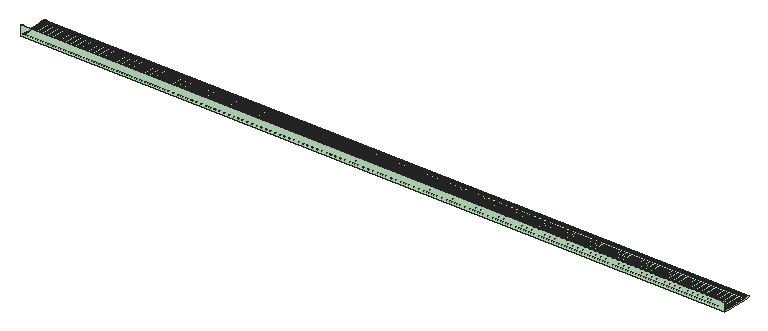
Revit family "power-l_125", category 機械設備, Revit 2022
Family settings
  丸型コネクタ寸法 = 直径を使用
  種別 = なし
  パーツ タイプ = 標準
  作業面ベース = いいえ
  常に垂直 = はい
  ロード時にボイドで切り取り = いいえ
  注釈の向きを維持 = いいえ
  共有 = いいえ
  部屋計算ポイント = いいえ
Parameters
  製造元 = "株式会社桐井製作所"
  既定の高さ = 0 mm
  URL = "https://www.kirii.co.jp/"
  K_長さ(mm) = 3000 mm
  K_品名 = "Power L 125(Power L75)"
  K_名称 = "耐震天井見切り"
  K_バージョン情報 = "20211216"
Reference planes
  plane 1 "中心(正面/背面)": y = 0
  plane 2: z = 0
  plane 3 "中心(左/右)": x = 0
  plane 4: x = 3000
Forms (mm)
  Extrusion 1, solid
    sketch origin (0, 0, 0) x (0, 1, 0) y (0, 0, 1)
      loop
        line (1.6, 1.6) -> (1.6, 38.4) -> (3, 38.4) -> (3, 40) -> (0.5, 40)
        arc (0.5, 40) -> (0.146, 39.854) -> (0, 39.5) r 0.5
        line (0, 39.5) -> (0, 0) -> (10.786, 0)
        arc (10.786, 0) -> (11.5, 0.3) -> (12.214, 0) r 1
        line (12.214, 0) -> (13.014, 0)
        arc (13.014, 0) -> (13.728, 0.3) -> (14.442, 0) r 1
        line (14.442, 0) -> (15.242, 0)
        arc (15.242, 0) -> (15.957, 0.3) -> (16.671, 0) r 1
        line (16.671, 0) -> (17.471, 0)
        arc (17.471, 0) -> (18.185, 0.3) -> (18.899, 0) r 1
        line (18.899, 0) -> (19.699, 0)
        arc (19.699, 0) -> (20.413, 0.3) -> (21.127, 0) r 1
        line (21.127, 0) -> (21.927, 0)
        arc (21.927, 0) -> (22.641, 0.3) -> (23.356, 0) r 1
        line (23.356, 0) -> (24.156, 0)
        arc (24.156, 0) -> (24.87, 0.3) -> (25.584, 0) r 1
        line (25.584, 0) -> (26.384, 0)
        arc (26.384, 0) -> (27.098, 0.3) -> (27.812, 0) r 1
        line (27.812, 0) -> (28.612, 0)
        arc (28.612, 0) -> (29.326, 0.3) -> (30.04, 0) r 1
        line (30.04, 0) -> (30.84, 0)
        arc (30.84, 0) -> (31.555, 0.3) -> (32.269, 0) r 1
        line (32.269, 0) -> (33.069, 0)
        arc (33.069, 0) -> (33.783, 0.3) -> (34.497, 0) r 1
        line (34.497, 0) -> (35.297, 0)
        arc (35.297, 0) -> (36.011, 0.3) -> (36.725, 0) r 1
        line (36.725, 0) -> (37.525, 0)
        arc (37.525, 0) -> (38.239, 0.3) -> (38.954, 0) r 1
        line (38.954, 0) -> (39.754, 0)
        arc (39.754, 0) -> (40.468, 0.3) -> (41.182, 0) r 1
        line (41.182, 0) -> (41.982, 0)
        arc (41.982, 0) -> (42.696, 0.3) -> (43.41, 0) r 1
        line (43.41, 0) -> (44.21, 0)
        arc (44.21, 0) -> (44.924, 0.3) -> (45.638, 0) r 1
        line (45.638, 0) -> (46.438, 0)
        arc (46.438, 0) -> (47.153, 0.3) -> (47.867, 0) r 1
        line (47.867, 0) -> (48.667, 0)
        arc (48.667, 0) -> (49.381, 0.3) -> (50.095, 0) r 1
        line (50.095, 0) -> (50.895, 0)
        arc (50.895, 0) -> (51.609, 0.3) -> (52.323, 0) r 1
        line (52.323, 0) -> (53.123, 0)
        arc (53.123, 0) -> (53.837, 0.3) -> (54.552, 0) r 1
        line (54.552, 0) -> (55.352, 0)
        arc (55.352, 0) -> (56.066, 0.3) -> (56.78, 0) r 1
        line (56.78, 0) -> (57.58, 0)
        arc (57.58, 0) -> (58.294, 0.3) -> (59.008, 0) r 1
        line (59.008, 0) -> (59.808, 0)
        arc (59.808, 0) -> (60.522, 0.3) -> (61.236, 0) r 1
        line (61.236, 0) -> (62.036, 0)
        arc (62.036, 0) -> (62.751, 0.3) -> (63.465, 0) r 1
        line (63.465, 0) -> (64.265, 0)
        arc (64.265, 0) -> (64.979, 0.3) -> (65.693, 0) r 1
        line (65.693, 0) -> (66.493, 0)
        arc (66.493, 0) -> (67.207, 0.3) -> (67.921, 0) r 1
        line (67.921, 0) -> (68.721, 0)
        arc (68.721, 0) -> (69.435, 0.3) -> (70.15, 0) r 1
        line (70.15, 0) -> (70.95, 0)
        arc (70.95, 0) -> (71.664, 0.3) -> (72.378, 0) r 1
        line (72.378, 0) -> (73.178, 0)
        arc (73.178, 0) -> (73.892, 0.3) -> (74.606, 0) r 1
        line (74.606, 0) -> (75.406, 0)
        arc (75.406, 0) -> (76.12, 0.3) -> (76.834, 0) r 1
        line (76.834, 0) -> (77.634, 0)
        arc (77.634, 0) -> (78.349, 0.3) -> (79.063, 0) r 1
        line (79.063, 0) -> (79.863, 0)
        arc (79.863, 0) -> (80.577, 0.3) -> (81.291, 0) r 1
        line (81.291, 0) -> (82.091, 0)
        arc (82.091, 0) -> (82.805, 0.3) -> (83.519, 0) r 1
        line (83.519, 0) -> (84.319, 0)
        arc (84.319, 0) -> (85.033, 0.3) -> (85.748, 0) r 1
        line (85.748, 0) -> (86.548, 0)
        arc (86.548, 0) -> (87.262, 0.3) -> (87.976, 0) r 1
        line (87.976, 0) -> (88.776, 0)
        arc (88.776, 0) -> (89.49, 0.3) -> (90.204, 0) r 1
        line (90.204, 0) -> (91.004, 0)
        arc (91.004, 0) -> (91.718, 0.3) -> (92.432, 0) r 1
        line (92.432, 0) -> (93.232, 0)
        arc (93.232, 0) -> (93.947, 0.3) -> (94.661, 0) r 1
        line (94.661, 0) -> (95.461, 0)
        arc (95.461, 0) -> (96.175, 0.3) -> (96.889, 0) r 1
        line (96.889, 0) -> (97.689, 0)
        arc (97.689, 0) -> (98.403, 0.3) -> (99.117, 0) r 1
        line (99.117, 0) -> (99.917, 0)
        arc (99.917, 0) -> (100.631, 0.3) -> (101.346, 0) r 1
        line (101.346, 0) -> (102.146, 0)
        arc (102.146, 0) -> (102.86, 0.3) -> (103.574, 0) r 1
        line (103.574, 0) -> (104.374, 0)
        arc (104.374, 0) -> (105.088, 0.3) -> (105.802, 0) r 1
        line (105.802, 0) -> (106.602, 0)
        arc (106.602, 0) -> (107.316, 0.3) -> (108.03, 0) r 1
        line (108.03, 0) -> (108.83, 0)
        arc (108.83, 0) -> (109.545, 0.3) -> (110.259, 0) r 1
        line (110.259, 0) -> (111.059, 0)
        arc (111.059, 0) -> (111.773, 0.3) -> (112.487, 0) r 1
        line (112.487, 0) -> (115, 0) -> (125, 3) -> (125, 5) -> (123.6, 5) -> (123.6, 4.042) -> (116.4, 1.882) -> (116.4, 4.5)
        arc (116.4, 4.5) -> (116.254, 4.854) -> (115.9, 5) r 0.5
        line (115.9, 5) -> (111.5, 5)
        arc (111.5, 5) -> (111.077, 4.774) -> (111, 4.3) r 0.541
        arc (111, 4.3) -> (111.342, 3.826) -> (111.9, 4) r 0.5
        line (111.9, 4) -> (115, 4) -> (115, 1.7) -> (14.5, 1.7) -> (14.5, 4) -> (17.6, 4)
        arc (17.6, 4) -> (18.205, 3.844) -> (18.49, 4.4) r 0.5
        arc (18.49, 4.4) -> (18.387, 4.816) -> (18, 5) r 0.5
        line (18, 5) -> (13.8, 5)
        arc (13.8, 5) -> (13.446, 4.854) -> (13.3, 4.5) r 0.5
        line (13.3, 4.5) -> (13.3, 1.6) -> (1.6, 1.6)
    from 0 to 3000
Dimensions and locks
  "K_長さ(mm)": plane 4 to plane 3 "中心(左/右)"
  aligned and locked: level to plane 2
  aligned and locked: plane 4 to Extrusion 1
Automatic sketch dimensions
  Extrusion 1 sketch curve to level = 0 mm  (x47)
  Extrusion 1 sketch curve to plane 1 "中心(正面/背面)" = 0.5 mm
  Extrusion 1 sketch curve to plane 1 "中心(正面/背面)" = 1.6 mm
  Extrusion 1 sketch curve to Extrusion 1 sketch curve = 1.4 mm  (x3)
  Extrusion 1 sketch curve to Extrusion 1 sketch curve = 9.186 mm
  Extrusion 1 sketch curve to level = 0.7 mm  (x46)
  Extrusion 1 sketch curve to Extrusion 1 sketch curve = 0.714 mm  (x46)
  Extrusion 1 sketch curve to Extrusion 1 sketch curve = 0.8 mm  (x45)
  Extrusion 1 sketch curve to Extrusion 1 sketch curve = 0.286 mm
  Extrusion 1 sketch curve to Extrusion 1 sketch curve = 0.5 mm  (x2)
  Extrusion 1 sketch curve to Extrusion 1 sketch curve = 1.2 mm
  Extrusion 1 sketch curve to Extrusion 1 sketch curve = 3.1 mm  (x2)
  Extrusion 1 sketch curve to Extrusion 1 sketch curve = 0.4 mm  (x2)
  Extrusion 1 sketch curve to Extrusion 1 sketch curve = 0 mm  (x3)
  Extrusion 1 sketch curve to Extrusion 1 sketch curve = 0.441 mm
  Extrusion 1 sketch curve to Extrusion 1 sketch curve = 0.017 mm
  Extrusion 1 sketch curve to Extrusion 1 sketch curve = 0.9 mm
  level to Extrusion 1 sketch curve = 1.882 mm
  Extrusion 1 sketch curve to Extrusion 1 sketch curve = 7.2 mm
  level to Extrusion 1 sketch curve = 1.6 mm
  Extrusion 1 sketch curve to Extrusion 1 sketch curve = 0.182 mm
  level to Extrusion 1 sketch curve = 3 mm
  Extrusion 1 sketch curve to Extrusion 1 sketch curve = 2.3 mm  (x2)
  Extrusion 1 sketch curve to Extrusion 1 sketch curve = 1.042 mm
  Extrusion 1 sketch curve to Extrusion 1 sketch curve = 0.3 mm  (x2)
  Extrusion 1 sketch curve to Extrusion 1 sketch curve = 0.159 mm
  Extrusion 1 sketch curve to Extrusion 1 sketch curve = 0.2 mm
  Extrusion 1 sketch curve to Extrusion 1 sketch curve = 0.958 mm
  Extrusion 1 sketch curve to Extrusion 1 sketch curve = 33.4 mm
  Extrusion 1 sketch curve to Extrusion 1 sketch curve = 1.1 mm
  Extrusion 1 sketch curve to plane 1 "中心(正面/背面)" = 0 mm
